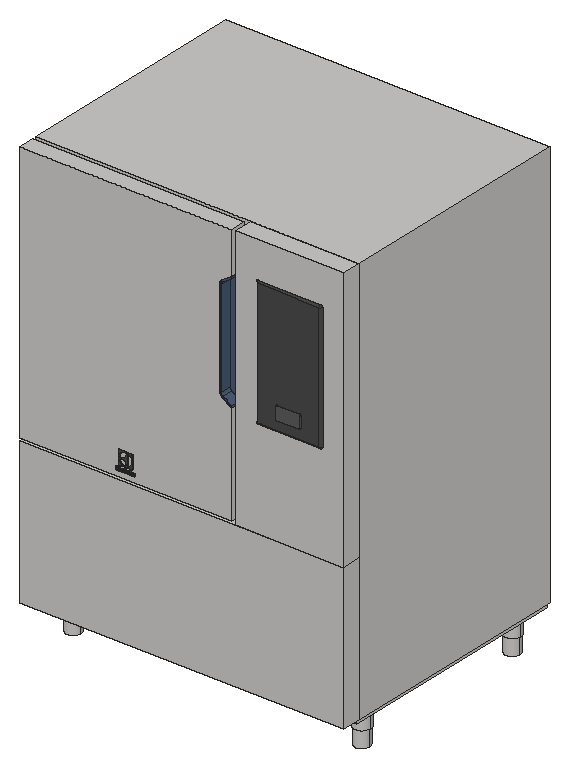
Revit family "QF_ELECTROLUXPROFESSIONAL_727742_EBFA12Q", category Specialty Equipment, Revit 2018 (continued)
Automatic sketch dimensions
  Split face 35 sketch curve to Extrusion 4 = 30.031 mm
  Split face 35 sketch curve to Split face 35 sketch curve = 110.016 mm
  Split face 35 sketch curve to Extrusion 4 = 203.478 mm
  Split face 35 sketch curve to Split face 35 sketch curve = 4.974 mm
  Split face 36 sketch curve to Extrusion 4 = 30.031 mm
  Split face 36 sketch curve to Split face 36 sketch curve = 110.016 mm
  Split face 36 sketch curve to Extrusion 4 = 193.978 mm
  Split face 36 sketch curve to Split face 36 sketch curve = 4.974 mm
  Split face 37 sketch curve to Extrusion 4 = 30.031 mm
  Split face 37 sketch curve to Split face 37 sketch curve = 110.016 mm
  Split face 37 sketch curve to Extrusion 4 = 184.478 mm
  Split face 37 sketch curve to Split face 37 sketch curve = 4.974 mm
  Split face 38 sketch curve to Extrusion 4 = 30.031 mm
  Split face 38 sketch curve to Split face 38 sketch curve = 110.016 mm
  Split face 38 sketch curve to Extrusion 4 = 174.978 mm
  Split face 38 sketch curve to Split face 38 sketch curve = 4.974 mm
  Split face 39 sketch curve to Extrusion 4 = 30.031 mm
  Split face 39 sketch curve to Split face 39 sketch curve = 110.016 mm
  Split face 39 sketch curve to Extrusion 4 = 165.478 mm
  Split face 39 sketch curve to Split face 39 sketch curve = 4.974 mm
  Split face 40 sketch curve to Extrusion 4 = 30.031 mm
  Split face 40 sketch curve to Split face 40 sketch curve = 110.016 mm
  Split face 40 sketch curve to Extrusion 4 = 155.978 mm
  Split face 40 sketch curve to Split face 40 sketch curve = 4.974 mm
  Split face 41 sketch curve to Extrusion 4 = 30.031 mm
  Split face 41 sketch curve to Split face 41 sketch curve = 110.016 mm
  Split face 41 sketch curve to Extrusion 4 = 146.478 mm
  Split face 41 sketch curve to Split face 41 sketch curve = 4.974 mm
  Split face 42 sketch curve to Extrusion 4 = 33.499 mm
  Split face 42 sketch curve to Extrusion 4 = 150.022 mm
  Split face 42 sketch curve to Extrusion 4 = 28.525 mm
  Split face 42 sketch curve to Split face 42 sketch curve = 110.016 mm
  Split face 43 sketch curve to Extrusion 4 = 42.999 mm
  Split face 43 sketch curve to Extrusion 4 = 150.022 mm
  Split face 43 sketch curve to Extrusion 4 = 38.025 mm
  Split face 43 sketch curve to Split face 43 sketch curve = 110.016 mm
  Split face 44 sketch curve to Extrusion 4 = 52.499 mm
  Split face 44 sketch curve to Extrusion 4 = 150.022 mm
  Split face 44 sketch curve to Extrusion 4 = 47.525 mm
  Split face 44 sketch curve to Split face 44 sketch curve = 110.016 mm
  Split face 45 sketch curve to Extrusion 4 = 61.999 mm
  Split face 45 sketch curve to Extrusion 4 = 150.022 mm
  Split face 45 sketch curve to Split face 45 sketch curve = 110.016 mm
  Split face 45 sketch curve to Split face 45 sketch curve = 4.974 mm
  Split face 46 sketch curve to Extrusion 4 = 71.499 mm
  Split face 46 sketch curve to Extrusion 4 = 150.022 mm
  Split face 46 sketch curve to Split face 46 sketch curve = 110.016 mm
  Split face 46 sketch curve to Split face 46 sketch curve = 4.974 mm
  Split face 47 sketch curve to Extrusion 4 = 150.022 mm
  Split face 47 sketch curve to Split face 47 sketch curve = 110.016 mm
  Split face 47 sketch curve to Extrusion 4 = 80.999 mm
  Split face 47 sketch curve to Split face 47 sketch curve = 4.974 mm
  Split face 48 sketch curve to Extrusion 4 = 150.022 mm
  Split face 48 sketch curve to Split face 48 sketch curve = 110.016 mm
  Split face 48 sketch curve to Extrusion 4 = 90.499 mm
  Split face 48 sketch curve to Split face 48 sketch curve = 4.974 mm
  Split face 49 sketch curve to Extrusion 4 = 150.022 mm
  Split face 49 sketch curve to Split face 49 sketch curve = 110.016 mm
  Split face 49 sketch curve to Extrusion 4 = 99.999 mm
  Split face 49 sketch curve to Split face 49 sketch curve = 4.974 mm
  Split face 50 sketch curve to Extrusion 4 = 150.022 mm
  Split face 50 sketch curve to Split face 50 sketch curve = 110.016 mm
  Split face 50 sketch curve to Extrusion 4 = 109.499 mm
  Split face 50 sketch curve to Split face 50 sketch curve = 4.974 mm
  Split face 51 sketch curve to Extrusion 4 = 150.022 mm
  Split face 51 sketch curve to Split face 51 sketch curve = 110.016 mm
  Split face 51 sketch curve to Extrusion 4 = 119 mm
  Split face 51 sketch curve to Split face 51 sketch curve = 4.974 mm
  Split face 52 sketch curve to Extrusion 4 = 150.022 mm
  Split face 52 sketch curve to Split face 52 sketch curve = 110.016 mm
  Split face 52 sketch curve to Extrusion 4 = 128.5 mm
  Split face 52 sketch curve to Split face 52 sketch curve = 4.974 mm
  Split face 53 sketch curve to Extrusion 4 = 150.022 mm
  Split face 53 sketch curve to Split face 53 sketch curve = 110.016 mm
  Split face 53 sketch curve to Extrusion 4 = 138 mm
  Split face 53 sketch curve to Split face 53 sketch curve = 4.974 mm
  Split face 54 sketch curve to Extrusion 4 = 150.022 mm
  Split face 54 sketch curve to Split face 54 sketch curve = 110.016 mm
  Split face 54 sketch curve to Extrusion 4 = 147.5 mm
  Split face 54 sketch curve to Split face 54 sketch curve = 4.974 mm
  Split face 55 sketch curve to Extrusion 4 = 150.022 mm
  Split face 55 sketch curve to Split face 55 sketch curve = 110.016 mm
  Split face 55 sketch curve to Extrusion 4 = 157 mm
  Split face 55 sketch curve to Split face 55 sketch curve = 4.974 mm
  Split face 56 sketch curve to Extrusion 4 = 150.022 mm
  Split face 56 sketch curve to Split face 56 sketch curve = 110.016 mm
  Split face 56 sketch curve to Extrusion 4 = 166.5 mm
  Split face 56 sketch curve to Split face 56 sketch curve = 4.974 mm
  Split face 57 sketch curve to Extrusion 4 = 150.022 mm
  Split face 57 sketch curve to Split face 57 sketch curve = 110.016 mm
  Split face 57 sketch curve to Extrusion 4 = 176 mm
  Split face 57 sketch curve to Split face 57 sketch curve = 4.974 mm
  Split face 58 sketch curve to Extrusion 4 = 150.022 mm
  Split face 58 sketch curve to Split face 58 sketch curve = 110.016 mm
  Split face 58 sketch curve to Extrusion 4 = 185.5 mm
  Split face 58 sketch curve to Split face 58 sketch curve = 4.974 mm
  Split face 59 sketch curve to Extrusion 4 = 150.022 mm
  Split face 59 sketch curve to Split face 59 sketch curve = 110.016 mm
  Split face 59 sketch curve to Extrusion 4 = 195 mm
  Split face 59 sketch curve to Split face 59 sketch curve = 4.974 mm
  Split face 60 sketch curve to Extrusion 4 = 150.022 mm
  Split face 60 sketch curve to Split face 60 sketch curve = 110.016 mm
  Split face 60 sketch curve to Extrusion 4 = 204.5 mm
  Split face 60 sketch curve to Split face 60 sketch curve = 4.974 mm
  Split face 61 sketch curve to Extrusion 4 = 150.022 mm
  Split face 61 sketch curve to Split face 61 sketch curve = 110.016 mm
  Split face 61 sketch curve to Extrusion 4 = 214 mm
  Split face 61 sketch curve to Split face 61 sketch curve = 4.974 mm
  Split face 62 sketch curve to Extrusion 4 = 150.022 mm
  Split face 62 sketch curve to Split face 62 sketch curve = 110.016 mm
  Split face 62 sketch curve to Extrusion 4 = 223.5 mm
  Split face 62 sketch curve to Split face 62 sketch curve = 4.974 mm
  Split face 63 sketch curve to Extrusion 4 = 150.022 mm
  Split face 63 sketch curve to Split face 63 sketch curve = 110.016 mm
  Split face 63 sketch curve to Extrusion 4 = 233.001 mm
  Split face 63 sketch curve to Split face 63 sketch curve = 4.974 mm
  Split face 64 sketch curve to Extrusion 4 = 150.022 mm
  Split face 64 sketch curve to Split face 64 sketch curve = 110.016 mm
  Split face 64 sketch curve to Extrusion 4 = 242.501 mm
  Split face 64 sketch curve to Split face 64 sketch curve = 4.974 mm
  Split face 65 sketch curve to Extrusion 4 = 150.022 mm
  Split face 65 sketch curve to Split face 65 sketch curve = 110.016 mm
  Split face 65 sketch curve to Extrusion 4 = 252.001 mm
  Split face 65 sketch curve to Split face 65 sketch curve = 4.974 mm
  Split face 66 sketch curve to Extrusion 4 = 150.022 mm
  Split face 66 sketch curve to Split face 66 sketch curve = 110.016 mm
  Split face 66 sketch curve to Extrusion 4 = 261.501 mm
  Split face 66 sketch curve to Split face 66 sketch curve = 4.974 mm
  Split face 67 sketch curve to Extrusion 4 = 150.022 mm
  Split face 67 sketch curve to Split face 67 sketch curve = 110.016 mm
  Split face 67 sketch curve to Extrusion 4 = 271.001 mm
  Split face 67 sketch curve to Split face 67 sketch curve = 4.974 mm
  Split face 68 sketch curve to Extrusion 4 = 150.022 mm
  Split face 68 sketch curve to Split face 68 sketch curve = 110.016 mm
  Split face 68 sketch curve to Extrusion 4 = 279.479 mm
  Split face 68 sketch curve to Split face 68 sketch curve = 4.974 mm
  Split face 69 sketch curve to Extrusion 4 = 150.022 mm
  Split face 69 sketch curve to Split face 69 sketch curve = 110.016 mm
  Split face 69 sketch curve to Extrusion 4 = 269.979 mm
  Split face 69 sketch curve to Split face 69 sketch curve = 4.974 mm
  Split face 70 sketch curve to Extrusion 4 = 150.022 mm
  Split face 70 sketch curve to Split face 70 sketch curve = 110.016 mm
  Split face 70 sketch curve to Extrusion 4 = 260.479 mm
  Split face 70 sketch curve to Split face 70 sketch curve = 4.974 mm
  Split face 71 sketch curve to Extrusion 4 = 150.022 mm
  Split face 71 sketch curve to Split face 71 sketch curve = 110.016 mm
  Split face 71 sketch curve to Extrusion 4 = 250.978 mm
  Split face 71 sketch curve to Split face 71 sketch curve = 4.974 mm
  Split face 72 sketch curve to Extrusion 4 = 150.022 mm
  Split face 72 sketch curve to Split face 72 sketch curve = 110.016 mm
  Split face 72 sketch curve to Extrusion 4 = 241.478 mm
  Split face 72 sketch curve to Split face 72 sketch curve = 4.974 mm
  Split face 73 sketch curve to Extrusion 4 = 150.022 mm
  Split face 73 sketch curve to Split face 73 sketch curve = 110.016 mm
  Split face 73 sketch curve to Extrusion 4 = 231.978 mm
  Split face 73 sketch curve to Split face 73 sketch curve = 4.974 mm
  Split face 74 sketch curve to Extrusion 4 = 150.022 mm
  Split face 74 sketch curve to Split face 74 sketch curve = 110.016 mm
  Split face 74 sketch curve to Extrusion 4 = 222.478 mm
  Split face 74 sketch curve to Split face 74 sketch curve = 4.974 mm
  Split face 75 sketch curve to Extrusion 4 = 150.022 mm
  Split face 75 sketch curve to Split face 75 sketch curve = 110.016 mm
  Split face 75 sketch curve to Extrusion 4 = 212.978 mm
  Split face 75 sketch curve to Split face 75 sketch curve = 4.974 mm
  Split face 76 sketch curve to Extrusion 4 = 150.022 mm
  Split face 76 sketch curve to Split face 76 sketch curve = 110.016 mm
  Split face 76 sketch curve to Extrusion 4 = 203.478 mm
  Split face 76 sketch curve to Split face 76 sketch curve = 4.974 mm
  Split face 77 sketch curve to Extrusion 4 = 150.022 mm
  Split face 77 sketch curve to Split face 77 sketch curve = 110.016 mm
  Split face 77 sketch curve to Extrusion 4 = 193.978 mm
  Split face 77 sketch curve to Split face 77 sketch curve = 4.974 mm
  Split face 78 sketch curve to Extrusion 4 = 150.022 mm
  Split face 78 sketch curve to Split face 78 sketch curve = 110.016 mm
  Split face 78 sketch curve to Extrusion 4 = 184.478 mm
  Split face 78 sketch curve to Split face 78 sketch curve = 4.974 mm
  Split face 79 sketch curve to Extrusion 4 = 150.022 mm
  Split face 79 sketch curve to Split face 79 sketch curve = 110.016 mm
  Split face 79 sketch curve to Extrusion 4 = 174.978 mm
  Split face 79 sketch curve to Split face 79 sketch curve = 4.974 mm
  Split face 80 sketch curve to Extrusion 4 = 150.022 mm
  Split face 80 sketch curve to Split face 80 sketch curve = 110.016 mm
  Split face 80 sketch curve to Extrusion 4 = 165.478 mm
  Split face 80 sketch curve to Split face 80 sketch curve = 4.974 mm
  Split face 81 sketch curve to Extrusion 4 = 150.022 mm
  Split face 81 sketch curve to Split face 81 sketch curve = 110.016 mm
  Split face 81 sketch curve to Extrusion 4 = 155.978 mm
  Split face 81 sketch curve to Split face 81 sketch curve = 4.974 mm
  Split face 82 sketch curve to Extrusion 4 = 150.022 mm
  Split face 82 sketch curve to Split face 82 sketch curve = 110.016 mm
  Split face 82 sketch curve to Extrusion 4 = 146.478 mm
  Split face 82 sketch curve to Split face 82 sketch curve = 4.974 mm
  Split face 83 sketch curve to Extrusion 4 = 33.499 mm
  Split face 83 sketch curve to Extrusion 4 = 270.014 mm
  Split face 83 sketch curve to Extrusion 4 = 28.525 mm
  Split face 83 sketch curve to Split face 83 sketch curve = 110.016 mm
  Split face 84 sketch curve to Extrusion 4 = 42.999 mm
  Split face 84 sketch curve to Extrusion 4 = 270.014 mm
  Split face 84 sketch curve to Extrusion 4 = 38.025 mm
  Split face 84 sketch curve to Split face 84 sketch curve = 110.016 mm
  Split face 85 sketch curve to Extrusion 4 = 52.499 mm
  Split face 85 sketch curve to Extrusion 4 = 270.014 mm
  Split face 85 sketch curve to Extrusion 4 = 47.525 mm
  Split face 85 sketch curve to Split face 85 sketch curve = 110.016 mm
  Split face 86 sketch curve to Extrusion 4 = 61.999 mm
  Split face 86 sketch curve to Extrusion 4 = 270.014 mm
  Split face 86 sketch curve to Split face 86 sketch curve = 110.016 mm
  Split face 86 sketch curve to Split face 86 sketch curve = 4.974 mm
  Split face 87 sketch curve to Extrusion 4 = 71.499 mm
  Split face 87 sketch curve to Extrusion 4 = 270.014 mm
  Split face 87 sketch curve to Split face 87 sketch curve = 110.016 mm
  Split face 87 sketch curve to Split face 87 sketch curve = 4.974 mm
  Split face 88 sketch curve to Extrusion 4 = 80.999 mm
  Split face 88 sketch curve to Extrusion 4 = 270.014 mm
  Split face 88 sketch curve to Split face 88 sketch curve = 110.016 mm
  Split face 88 sketch curve to Split face 88 sketch curve = 4.974 mm
  Split face 89 sketch curve to Extrusion 4 = 90.499 mm
  Split face 89 sketch curve to Extrusion 4 = 270.014 mm
  Split face 89 sketch curve to Split face 89 sketch curve = 110.016 mm
  Split face 89 sketch curve to Split face 89 sketch curve = 4.974 mm
  Split face 90 sketch curve to Extrusion 4 = 99.999 mm
  Split face 90 sketch curve to Extrusion 4 = 270.014 mm
  Split face 90 sketch curve to Split face 90 sketch curve = 110.016 mm
  Split face 90 sketch curve to Split face 90 sketch curve = 4.974 mm
  Split face 91 sketch curve to Extrusion 4 = 109.499 mm
  Split face 91 sketch curve to Extrusion 4 = 270.014 mm
  Split face 91 sketch curve to Split face 91 sketch curve = 110.016 mm
  Split face 91 sketch curve to Split face 91 sketch curve = 4.974 mm
  Split face 92 sketch curve to Extrusion 4 = 119 mm
  Split face 92 sketch curve to Extrusion 4 = 270.014 mm
  Split face 92 sketch curve to Split face 92 sketch curve = 110.016 mm
  Split face 92 sketch curve to Split face 92 sketch curve = 4.974 mm
  Split face 93 sketch curve to Extrusion 4 = 128.5 mm
  Split face 93 sketch curve to Extrusion 4 = 270.014 mm
  Split face 93 sketch curve to Split face 93 sketch curve = 110.016 mm
  Split face 93 sketch curve to Split face 93 sketch curve = 4.974 mm
  Split face 94 sketch curve to Extrusion 4 = 270.014 mm
  Split face 94 sketch curve to Split face 94 sketch curve = 110.016 mm
  Split face 94 sketch curve to Extrusion 4 = 138 mm
  Split face 94 sketch curve to Split face 94 sketch curve = 4.974 mm
  Split face 95 sketch curve to Extrusion 4 = 270.014 mm
  Split face 95 sketch curve to Split face 95 sketch curve = 110.016 mm
  Split face 95 sketch curve to Extrusion 4 = 147.5 mm
  Split face 95 sketch curve to Split face 95 sketch curve = 4.974 mm
  Split face 96 sketch curve to Extrusion 4 = 270.014 mm
  Split face 96 sketch curve to Split face 96 sketch curve = 110.016 mm
  Split face 96 sketch curve to Extrusion 4 = 157 mm
  Split face 96 sketch curve to Split face 96 sketch curve = 4.974 mm
  Split face 97 sketch curve to Extrusion 4 = 270.014 mm
  Split face 97 sketch curve to Split face 97 sketch curve = 110.016 mm
  Split face 97 sketch curve to Extrusion 4 = 166.5 mm
  Split face 97 sketch curve to Split face 97 sketch curve = 4.974 mm
  Split face 98 sketch curve to Extrusion 4 = 270.014 mm
  Split face 98 sketch curve to Split face 98 sketch curve = 110.016 mm
  Split face 98 sketch curve to Extrusion 4 = 176 mm
  Split face 98 sketch curve to Split face 98 sketch curve = 4.974 mm
  Split face 99 sketch curve to Extrusion 4 = 270.014 mm
  Split face 99 sketch curve to Split face 99 sketch curve = 110.016 mm
  Split face 99 sketch curve to Extrusion 4 = 185.5 mm
  Split face 99 sketch curve to Split face 99 sketch curve = 4.974 mm
  Split face 100 sketch curve to Extrusion 4 = 270.014 mm
  Split face 100 sketch curve to Split face 100 sketch curve = 110.016 mm
  Split face 100 sketch curve to Extrusion 4 = 195 mm
  Split face 100 sketch curve to Split face 100 sketch curve = 4.974 mm
  Split face 101 sketch curve to Extrusion 4 = 270.014 mm
  Split face 101 sketch curve to Split face 101 sketch curve = 110.016 mm
  Split face 101 sketch curve to Extrusion 4 = 204.5 mm
  Split face 101 sketch curve to Split face 101 sketch curve = 4.974 mm
  Split face 102 sketch curve to Extrusion 4 = 270.014 mm
  Split face 102 sketch curve to Split face 102 sketch curve = 110.016 mm
  Split face 102 sketch curve to Extrusion 4 = 214 mm
  Split face 102 sketch curve to Split face 102 sketch curve = 4.974 mm
  Split face 103 sketch curve to Extrusion 4 = 270.014 mm
  Split face 103 sketch curve to Split face 103 sketch curve = 110.016 mm
  Split face 103 sketch curve to Extrusion 4 = 223.5 mm
  Split face 103 sketch curve to Split face 103 sketch curve = 4.974 mm
  Split face 104 sketch curve to Extrusion 4 = 270.014 mm
  Split face 104 sketch curve to Split face 104 sketch curve = 110.016 mm
  Split face 104 sketch curve to Extrusion 4 = 233.001 mm
  Split face 104 sketch curve to Split face 104 sketch curve = 4.974 mm
  Split face 105 sketch curve to Extrusion 4 = 270.014 mm
  Split face 105 sketch curve to Split face 105 sketch curve = 110.016 mm
  Split face 105 sketch curve to Extrusion 4 = 242.501 mm
  Split face 105 sketch curve to Split face 105 sketch curve = 4.974 mm
  Split face 106 sketch curve to Extrusion 4 = 270.014 mm
  Split face 106 sketch curve to Split face 106 sketch curve = 110.016 mm
  Split face 106 sketch curve to Extrusion 4 = 252.001 mm
  Split face 106 sketch curve to Split face 106 sketch curve = 4.974 mm
  Split face 107 sketch curve to Extrusion 4 = 270.014 mm
  Split face 107 sketch curve to Split face 107 sketch curve = 110.016 mm
  Split face 107 sketch curve to Extrusion 4 = 261.501 mm
  Split face 107 sketch curve to Split face 107 sketch curve = 4.974 mm
  Split face 108 sketch curve to Extrusion 4 = 270.014 mm
  Split face 108 sketch curve to Split face 108 sketch curve = 110.016 mm
  Split face 108 sketch curve to Extrusion 4 = 271.001 mm
  Split face 108 sketch curve to Split face 108 sketch curve = 4.974 mm
  Split face 109 sketch curve to Extrusion 4 = 270.014 mm
  Split face 109 sketch curve to Split face 109 sketch curve = 110.016 mm
  Split face 109 sketch curve to Extrusion 4 = 279.479 mm
  Split face 109 sketch curve to Split face 109 sketch curve = 4.974 mm
  Split face 110 sketch curve to Extrusion 4 = 270.014 mm
  Split face 110 sketch curve to Split face 110 sketch curve = 110.016 mm
  Split face 110 sketch curve to Extrusion 4 = 269.979 mm
  Split face 110 sketch curve to Split face 110 sketch curve = 4.974 mm
  Split face 111 sketch curve to Extrusion 4 = 270.014 mm
  Split face 111 sketch curve to Split face 111 sketch curve = 110.016 mm
  Split face 111 sketch curve to Extrusion 4 = 260.479 mm
  Split face 111 sketch curve to Split face 111 sketch curve = 4.974 mm
  Split face 112 sketch curve to Extrusion 4 = 270.014 mm
  Split face 112 sketch curve to Split face 112 sketch curve = 110.016 mm
  Split face 112 sketch curve to Extrusion 4 = 250.978 mm
  Split face 112 sketch curve to Split face 112 sketch curve = 4.974 mm
  Split face 113 sketch curve to Extrusion 4 = 270.014 mm
  Split face 113 sketch curve to Split face 113 sketch curve = 110.016 mm
  Split face 113 sketch curve to Extrusion 4 = 241.478 mm
  Split face 113 sketch curve to Split face 113 sketch curve = 4.974 mm
  Split face 114 sketch curve to Extrusion 4 = 270.014 mm
  Split face 114 sketch curve to Split face 114 sketch curve = 110.016 mm
  Split face 114 sketch curve to Extrusion 4 = 231.978 mm
  Split face 114 sketch curve to Split face 114 sketch curve = 4.974 mm
  Split face 115 sketch curve to Extrusion 4 = 270.014 mm
  Split face 115 sketch curve to Split face 115 sketch curve = 110.016 mm
  Split face 115 sketch curve to Extrusion 4 = 222.478 mm
  Split face 115 sketch curve to Split face 115 sketch curve = 4.974 mm
  Split face 116 sketch curve to Extrusion 4 = 270.014 mm
  Split face 116 sketch curve to Split face 116 sketch curve = 110.016 mm
  Split face 116 sketch curve to Extrusion 4 = 212.978 mm
  Split face 116 sketch curve to Split face 116 sketch curve = 4.974 mm
  Split face 117 sketch curve to Extrusion 4 = 270.014 mm
  Split face 117 sketch curve to Split face 117 sketch curve = 110.016 mm
  Split face 117 sketch curve to Extrusion 4 = 203.478 mm
  Split face 117 sketch curve to Split face 117 sketch curve = 4.974 mm
  Split face 118 sketch curve to Extrusion 4 = 270.014 mm
  Split face 118 sketch curve to Split face 118 sketch curve = 110.016 mm
  Split face 118 sketch curve to Extrusion 4 = 193.978 mm
  Split face 118 sketch curve to Split face 118 sketch curve = 4.974 mm
  Split face 119 sketch curve to Extrusion 4 = 270.014 mm
  Split face 119 sketch curve to Split face 119 sketch curve = 110.016 mm
  Split face 119 sketch curve to Extrusion 4 = 184.478 mm
  Split face 119 sketch curve to Split face 119 sketch curve = 4.974 mm
  Split face 120 sketch curve to Extrusion 4 = 270.014 mm
  Split face 120 sketch curve to Split face 120 sketch curve = 110.016 mm
  Split face 120 sketch curve to Extrusion 4 = 174.978 mm
  Split face 120 sketch curve to Split face 120 sketch curve = 4.974 mm
  Split face 121 sketch curve to Extrusion 4 = 270.014 mm
  Split face 121 sketch curve to Split face 121 sketch curve = 110.016 mm
  Split face 121 sketch curve to Extrusion 4 = 165.478 mm
  Split face 121 sketch curve to Split face 121 sketch curve = 4.974 mm
  Split face 122 sketch curve to Extrusion 4 = 270.014 mm
  Split face 122 sketch curve to Split face 122 sketch curve = 110.016 mm
  Split face 122 sketch curve to Extrusion 4 = 155.978 mm
  Split face 122 sketch curve to Split face 122 sketch curve = 4.974 mm
  Split face 123 sketch curve to Extrusion 4 = 270.014 mm
  Split face 123 sketch curve to Split face 123 sketch curve = 110.016 mm
  Split face 123 sketch curve to Extrusion 4 = 146.478 mm
  Split face 123 sketch curve to Split face 123 sketch curve = 4.974 mm
  Split face 124 sketch curve to Extrusion 4 = 33.499 mm
  Split face 124 sketch curve to Extrusion 4 = 390.005 mm
  Split face 124 sketch curve to Extrusion 4 = 28.525 mm
  Split face 124 sketch curve to Split face 124 sketch curve = 110.016 mm
  Split face 125 sketch curve to Extrusion 4 = 42.999 mm
  Split face 125 sketch curve to Extrusion 4 = 390.005 mm
  Split face 125 sketch curve to Extrusion 4 = 38.025 mm
  Split face 125 sketch curve to Split face 125 sketch curve = 110.016 mm
  Split face 126 sketch curve to Extrusion 4 = 52.499 mm
  Split face 126 sketch curve to Extrusion 4 = 390.005 mm
  Split face 126 sketch curve to Extrusion 4 = 47.525 mm
  Split face 126 sketch curve to Split face 126 sketch curve = 110.016 mm
  Split face 127 sketch curve to Extrusion 4 = 61.999 mm
  Split face 127 sketch curve to Extrusion 4 = 390.005 mm
  Split face 127 sketch curve to Split face 127 sketch curve = 110.016 mm
  Split face 127 sketch curve to Split face 127 sketch curve = 4.974 mm
  Split face 128 sketch curve to Extrusion 4 = 71.499 mm
  Split face 128 sketch curve to Extrusion 4 = 390.005 mm
  Split face 128 sketch curve to Split face 128 sketch curve = 110.016 mm
  Split face 128 sketch curve to Split face 128 sketch curve = 4.974 mm
  Split face 129 sketch curve to Extrusion 4 = 80.999 mm
  Split face 129 sketch curve to Extrusion 4 = 390.005 mm
  Split face 129 sketch curve to Split face 129 sketch curve = 110.016 mm
  Split face 129 sketch curve to Split face 129 sketch curve = 4.974 mm
  Split face 130 sketch curve to Extrusion 4 = 90.499 mm
  Split face 130 sketch curve to Extrusion 4 = 390.005 mm
  Split face 130 sketch curve to Split face 130 sketch curve = 110.016 mm
  Split face 130 sketch curve to Split face 130 sketch curve = 4.974 mm
  Split face 131 sketch curve to Extrusion 4 = 99.999 mm
  Split face 131 sketch curve to Extrusion 4 = 390.005 mm
  Split face 131 sketch curve to Split face 131 sketch curve = 110.016 mm
  Split face 131 sketch curve to Split face 131 sketch curve = 4.974 mm
  Split face 132 sketch curve to Extrusion 4 = 109.499 mm
  Split face 132 sketch curve to Extrusion 4 = 390.005 mm
  Split face 132 sketch curve to Split face 132 sketch curve = 110.016 mm
  Split face 132 sketch curve to Split face 132 sketch curve = 4.974 mm
  Split face 133 sketch curve to Extrusion 4 = 119 mm
  Split face 133 sketch curve to Extrusion 4 = 390.005 mm
  Split face 133 sketch curve to Split face 133 sketch curve = 110.016 mm
  Split face 133 sketch curve to Split face 133 sketch curve = 4.974 mm
  Split face 134 sketch curve to Extrusion 4 = 128.5 mm
  Split face 134 sketch curve to Extrusion 4 = 390.005 mm
  Split face 134 sketch curve to Split face 134 sketch curve = 110.016 mm
  Split face 134 sketch curve to Split face 134 sketch curve = 4.974 mm
  Split face 135 sketch curve to Extrusion 4 = 138 mm
  Split face 135 sketch curve to Extrusion 4 = 390.005 mm
  Split face 135 sketch curve to Split face 135 sketch curve = 110.016 mm
  Split face 135 sketch curve to Split face 135 sketch curve = 4.974 mm
  Split face 136 sketch curve to Extrusion 4 = 147.5 mm
  Split face 136 sketch curve to Extrusion 4 = 390.005 mm
  Split face 136 sketch curve to Split face 136 sketch curve = 110.016 mm
  Split face 136 sketch curve to Split face 136 sketch curve = 4.974 mm
  Split face 137 sketch curve to Extrusion 4 = 157 mm
  Split face 137 sketch curve to Extrusion 4 = 390.005 mm
  Split face 137 sketch curve to Split face 137 sketch curve = 110.016 mm
  Split face 137 sketch curve to Split face 137 sketch curve = 4.974 mm
  Split face 138 sketch curve to Extrusion 4 = 166.5 mm
  Split face 138 sketch curve to Extrusion 4 = 390.005 mm
  Split face 138 sketch curve to Split face 138 sketch curve = 110.016 mm
  Split face 138 sketch curve to Split face 138 sketch curve = 4.974 mm
  Split face 139 sketch curve to Extrusion 4 = 176 mm
  Split face 139 sketch curve to Extrusion 4 = 390.005 mm
  Split face 139 sketch curve to Split face 139 sketch curve = 110.016 mm
  Split face 139 sketch curve to Split face 139 sketch curve = 4.974 mm
  Split face 140 sketch curve to Extrusion 4 = 185.5 mm
  Split face 140 sketch curve to Extrusion 4 = 390.005 mm
  Split face 140 sketch curve to Split face 140 sketch curve = 110.016 mm
  Split face 140 sketch curve to Split face 140 sketch curve = 4.974 mm
  Split face 141 sketch curve to Extrusion 4 = 195 mm
  Split face 141 sketch curve to Extrusion 4 = 390.005 mm
  Split face 141 sketch curve to Split face 141 sketch curve = 110.016 mm
  Split face 141 sketch curve to Split face 141 sketch curve = 4.974 mm
  Split face 142 sketch curve to Extrusion 4 = 390.005 mm
  Split face 142 sketch curve to Split face 142 sketch curve = 110.016 mm
  Split face 142 sketch curve to Extrusion 4 = 204.5 mm
  Split face 142 sketch curve to Split face 142 sketch curve = 4.974 mm
  Split face 143 sketch curve to Extrusion 4 = 390.005 mm
  Split face 143 sketch curve to Split face 143 sketch curve = 110.016 mm
  Split face 143 sketch curve to Extrusion 4 = 214 mm
  Split face 143 sketch curve to Split face 143 sketch curve = 4.974 mm
  Split face 144 sketch curve to Extrusion 4 = 390.005 mm
  Split face 144 sketch curve to Split face 144 sketch curve = 110.016 mm
  Split face 144 sketch curve to Extrusion 4 = 223.5 mm
  Split face 144 sketch curve to Split face 144 sketch curve = 4.974 mm
  Split face 145 sketch curve to Extrusion 4 = 390.005 mm
  Split face 145 sketch curve to Split face 145 sketch curve = 110.016 mm
  Split face 145 sketch curve to Extrusion 4 = 233.001 mm
  Split face 145 sketch curve to Split face 145 sketch curve = 4.974 mm
  Split face 146 sketch curve to Extrusion 4 = 390.005 mm
  Split face 146 sketch curve to Split face 146 sketch curve = 110.016 mm
  Split face 146 sketch curve to Extrusion 4 = 242.501 mm
  Split face 146 sketch curve to Split face 146 sketch curve = 4.974 mm
  Split face 147 sketch curve to Extrusion 4 = 390.005 mm
  Split face 147 sketch curve to Split face 147 sketch curve = 110.016 mm
  Split face 147 sketch curve to Extrusion 4 = 252.001 mm
  Split face 147 sketch curve to Split face 147 sketch curve = 4.974 mm
  Split face 148 sketch curve to Extrusion 4 = 390.005 mm
  Split face 148 sketch curve to Split face 148 sketch curve = 110.016 mm
  Split face 148 sketch curve to Extrusion 4 = 261.501 mm
  Split face 148 sketch curve to Split face 148 sketch curve = 4.974 mm
  Split face 149 sketch curve to Extrusion 4 = 390.005 mm
  Split face 149 sketch curve to Split face 149 sketch curve = 110.016 mm
  Split face 149 sketch curve to Extrusion 4 = 271.001 mm
  Split face 149 sketch curve to Split face 149 sketch curve = 4.974 mm
  Split face 150 sketch curve to Extrusion 4 = 390.005 mm
  Split face 150 sketch curve to Split face 150 sketch curve = 110.016 mm
  Split face 150 sketch curve to Extrusion 4 = 279.479 mm
  Split face 150 sketch curve to Split face 150 sketch curve = 4.974 mm
  Split face 151 sketch curve to Extrusion 4 = 390.005 mm
  Split face 151 sketch curve to Split face 151 sketch curve = 110.016 mm
  Split face 151 sketch curve to Extrusion 4 = 269.979 mm
  Split face 151 sketch curve to Split face 151 sketch curve = 4.974 mm
  Split face 152 sketch curve to Extrusion 4 = 390.005 mm
  Split face 152 sketch curve to Split face 152 sketch curve = 110.016 mm
  Split face 152 sketch curve to Extrusion 4 = 260.479 mm
  Split face 152 sketch curve to Split face 152 sketch curve = 4.974 mm
  Split face 153 sketch curve to Extrusion 4 = 390.005 mm
  Split face 153 sketch curve to Split face 153 sketch curve = 110.016 mm
  Split face 153 sketch curve to Extrusion 4 = 250.978 mm
  Split face 153 sketch curve to Split face 153 sketch curve = 4.974 mm
  Split face 154 sketch curve to Extrusion 4 = 390.005 mm
  Split face 154 sketch curve to Split face 154 sketch curve = 110.016 mm
  Split face 154 sketch curve to Extrusion 4 = 241.478 mm
  Split face 154 sketch curve to Split face 154 sketch curve = 4.974 mm
  Split face 155 sketch curve to Extrusion 4 = 390.005 mm
  Split face 155 sketch curve to Split face 155 sketch curve = 110.016 mm
  Split face 155 sketch curve to Extrusion 4 = 231.978 mm
  Split face 155 sketch curve to Split face 155 sketch curve = 4.974 mm
  Split face 156 sketch curve to Extrusion 4 = 390.005 mm
  Split face 156 sketch curve to Split face 156 sketch curve = 110.016 mm
  Split face 156 sketch curve to Extrusion 4 = 222.478 mm
  Split face 156 sketch curve to Split face 156 sketch curve = 4.974 mm
  Split face 157 sketch curve to Extrusion 4 = 390.005 mm
  Split face 157 sketch curve to Split face 157 sketch curve = 110.016 mm
  Split face 157 sketch curve to Extrusion 4 = 212.978 mm
  Split face 157 sketch curve to Split face 157 sketch curve = 4.974 mm
  Split face 158 sketch curve to Extrusion 4 = 390.005 mm
  Split face 158 sketch curve to Split face 158 sketch curve = 110.016 mm
  Split face 158 sketch curve to Extrusion 4 = 203.478 mm
  Split face 158 sketch curve to Split face 158 sketch curve = 4.974 mm
  Split face 159 sketch curve to Extrusion 4 = 193.978 mm
  Split face 159 sketch curve to Extrusion 4 = 390.005 mm
  Split face 159 sketch curve to Split face 159 sketch curve = 110.016 mm
  Split face 159 sketch curve to Split face 159 sketch curve = 4.974 mm
  Split face 160 sketch curve to Extrusion 4 = 184.478 mm
  Split face 160 sketch curve to Extrusion 4 = 390.005 mm
  Split face 160 sketch curve to Split face 160 sketch curve = 110.016 mm
  Split face 160 sketch curve to Split face 160 sketch curve = 4.974 mm
  Split face 161 sketch curve to Extrusion 4 = 174.978 mm
  Split face 161 sketch curve to Extrusion 4 = 390.005 mm
  Split face 161 sketch curve to Split face 161 sketch curve = 110.016 mm
  Split face 161 sketch curve to Split face 161 sketch curve = 4.974 mm
  Split face 162 sketch curve to Extrusion 4 = 165.478 mm
  Split face 162 sketch curve to Extrusion 4 = 390.005 mm
  Split face 162 sketch curve to Split face 162 sketch curve = 110.016 mm
  Split face 162 sketch curve to Split face 162 sketch curve = 4.974 mm
  Split face 163 sketch curve to Extrusion 4 = 155.978 mm
  Split face 163 sketch curve to Extrusion 4 = 390.005 mm
  Split face 163 sketch curve to Split face 163 sketch curve = 110.016 mm
  Split face 163 sketch curve to Split face 163 sketch curve = 4.974 mm
  Split face 164 sketch curve to Extrusion 4 = 146.478 mm
  Split face 164 sketch curve to Extrusion 4 = 390.005 mm
  Split face 164 sketch curve to Split face 164 sketch curve = 110.016 mm
  Split face 164 sketch curve to Split face 164 sketch curve = 4.974 mm
  Split face 165 sketch curve to Extrusion 4 = 33.499 mm
  Split face 165 sketch curve to Extrusion 4 = 380.03 mm
  Split face 165 sketch curve to Extrusion 4 = 28.525 mm
  Split face 165 sketch curve to Split face 165 sketch curve = 110.016 mm
  Split face 166 sketch curve to Extrusion 4 = 42.999 mm
  Split face 166 sketch curve to Extrusion 4 = 380.03 mm
  Split face 166 sketch curve to Extrusion 4 = 38.025 mm
  Split face 166 sketch curve to Split face 166 sketch curve = 110.016 mm
  Split face 167 sketch curve to Extrusion 4 = 52.499 mm
  Split face 167 sketch curve to Extrusion 4 = 380.03 mm
  Split face 167 sketch curve to Extrusion 4 = 47.525 mm
  Split face 167 sketch curve to Split face 167 sketch curve = 110.016 mm
  Split face 168 sketch curve to Extrusion 4 = 61.999 mm
  Split face 168 sketch curve to Extrusion 4 = 380.03 mm
  Split face 168 sketch curve to Split face 168 sketch curve = 110.016 mm
  Split face 168 sketch curve to Split face 168 sketch curve = 4.974 mm
  Split face 169 sketch curve to Extrusion 4 = 71.499 mm
  Split face 169 sketch curve to Extrusion 4 = 380.03 mm
  Split face 169 sketch curve to Split face 169 sketch curve = 110.016 mm
  Split face 169 sketch curve to Split face 169 sketch curve = 4.974 mm
  Split face 170 sketch curve to Extrusion 4 = 80.999 mm
  Split face 170 sketch curve to Extrusion 4 = 380.03 mm
  Split face 170 sketch curve to Split face 170 sketch curve = 110.016 mm
  Split face 170 sketch curve to Split face 170 sketch curve = 4.974 mm
  Split face 171 sketch curve to Extrusion 4 = 90.499 mm
  Split face 171 sketch curve to Extrusion 4 = 380.03 mm
  Split face 171 sketch curve to Split face 171 sketch curve = 110.016 mm
  Split face 171 sketch curve to Split face 171 sketch curve = 4.974 mm
  Split face 172 sketch curve to Extrusion 4 = 99.999 mm
  Split face 172 sketch curve to Extrusion 4 = 380.03 mm
  Split face 172 sketch curve to Split face 172 sketch curve = 110.016 mm
  Split face 172 sketch curve to Split face 172 sketch curve = 4.974 mm
  Split face 173 sketch curve to Extrusion 4 = 109.499 mm
  Split face 173 sketch curve to Extrusion 4 = 380.03 mm
  Split face 173 sketch curve to Split face 173 sketch curve = 110.016 mm
  Split face 173 sketch curve to Split face 173 sketch curve = 4.974 mm
  Split face 174 sketch curve to Extrusion 4 = 119 mm
  Split face 174 sketch curve to Extrusion 4 = 380.03 mm
  Split face 174 sketch curve to Split face 174 sketch curve = 110.016 mm
  Split face 174 sketch curve to Split face 174 sketch curve = 4.974 mm
  Split face 175 sketch curve to Extrusion 4 = 128.5 mm
  Split face 175 sketch curve to Extrusion 4 = 380.03 mm
  Split face 175 sketch curve to Split face 175 sketch curve = 110.016 mm
  Split face 175 sketch curve to Split face 175 sketch curve = 4.974 mm
  Split face 176 sketch curve to Extrusion 4 = 138 mm
  Split face 176 sketch curve to Extrusion 4 = 380.03 mm
  Split face 176 sketch curve to Split face 176 sketch curve = 110.016 mm
  Split face 176 sketch curve to Split face 176 sketch curve = 4.974 mm
  Split face 177 sketch curve to Extrusion 4 = 147.5 mm
  Split face 177 sketch curve to Extrusion 4 = 380.03 mm
  Split face 177 sketch curve to Split face 177 sketch curve = 110.016 mm
  Split face 177 sketch curve to Split face 177 sketch curve = 4.974 mm
  Split face 178 sketch curve to Extrusion 4 = 157 mm
  Split face 178 sketch curve to Extrusion 4 = 380.03 mm
  Split face 178 sketch curve to Split face 178 sketch curve = 110.016 mm
  Split face 178 sketch curve to Split face 178 sketch curve = 4.974 mm
  Split face 179 sketch curve to Extrusion 4 = 166.5 mm
  Split face 179 sketch curve to Extrusion 4 = 380.03 mm
  Split face 179 sketch curve to Split face 179 sketch curve = 110.016 mm
  Split face 179 sketch curve to Split face 179 sketch curve = 4.974 mm
  Split face 180 sketch curve to Extrusion 4 = 176 mm
  Split face 180 sketch curve to Extrusion 4 = 380.03 mm
  Split face 180 sketch curve to Split face 180 sketch curve = 110.016 mm
  Split face 180 sketch curve to Split face 180 sketch curve = 4.974 mm
  Split face 181 sketch curve to Extrusion 4 = 185.5 mm
  Split face 181 sketch curve to Extrusion 4 = 380.03 mm
  Split face 181 sketch curve to Split face 181 sketch curve = 110.016 mm
  Split face 181 sketch curve to Split face 181 sketch curve = 4.974 mm
  Split face 182 sketch curve to Extrusion 4 = 380.03 mm
  Split face 182 sketch curve to Split face 182 sketch curve = 110.016 mm
  Split face 182 sketch curve to Extrusion 4 = 195 mm
  Split face 182 sketch curve to Split face 182 sketch curve = 4.974 mm
  Split face 183 sketch curve to Extrusion 4 = 380.03 mm
  Split face 183 sketch curve to Split face 183 sketch curve = 110.016 mm
  Split face 183 sketch curve to Extrusion 4 = 204.5 mm
  Split face 183 sketch curve to Split face 183 sketch curve = 4.974 mm
  Split face 184 sketch curve to Extrusion 4 = 380.03 mm
  Split face 184 sketch curve to Split face 184 sketch curve = 110.016 mm
  Split face 184 sketch curve to Extrusion 4 = 214 mm
  Split face 184 sketch curve to Split face 184 sketch curve = 4.974 mm
  Split face 185 sketch curve to Extrusion 4 = 380.03 mm
  Split face 185 sketch curve to Split face 185 sketch curve = 110.016 mm
  Split face 185 sketch curve to Extrusion 4 = 223.5 mm
  Split face 185 sketch curve to Split face 185 sketch curve = 4.974 mm
  Split face 186 sketch curve to Extrusion 4 = 380.03 mm
  Split face 186 sketch curve to Split face 186 sketch curve = 110.016 mm
  Split face 186 sketch curve to Extrusion 4 = 233.001 mm
  Split face 186 sketch curve to Split face 186 sketch curve = 4.974 mm
  Split face 187 sketch curve to Extrusion 4 = 380.03 mm
  Split face 187 sketch curve to Split face 187 sketch curve = 110.016 mm
  Split face 187 sketch curve to Extrusion 4 = 242.501 mm
  Split face 187 sketch curve to Split face 187 sketch curve = 4.974 mm
  Split face 188 sketch curve to Extrusion 4 = 380.03 mm
  Split face 188 sketch curve to Split face 188 sketch curve = 110.016 mm
  Split face 188 sketch curve to Extrusion 4 = 252.001 mm
  Split face 188 sketch curve to Split face 188 sketch curve = 4.974 mm
  Split face 189 sketch curve to Extrusion 4 = 380.03 mm
  Split face 189 sketch curve to Split face 189 sketch curve = 110.016 mm
  Split face 189 sketch curve to Extrusion 4 = 261.501 mm
  Split face 189 sketch curve to Split face 189 sketch curve = 4.974 mm
  Split face 190 sketch curve to Extrusion 4 = 380.03 mm
  Split face 190 sketch curve to Split face 190 sketch curve = 110.016 mm
  Split face 190 sketch curve to Extrusion 4 = 271.001 mm
  Split face 190 sketch curve to Split face 190 sketch curve = 4.974 mm
  Split face 191 sketch curve to Extrusion 4 = 380.03 mm
  Split face 191 sketch curve to Split face 191 sketch curve = 110.016 mm
  Split face 191 sketch curve to Extrusion 4 = 279.479 mm
  Split face 191 sketch curve to Split face 191 sketch curve = 4.974 mm
  Split face 192 sketch curve to Extrusion 4 = 380.03 mm
  Split face 192 sketch curve to Split face 192 sketch curve = 110.016 mm
  Split face 192 sketch curve to Extrusion 4 = 269.979 mm
  Split face 192 sketch curve to Split face 192 sketch curve = 4.974 mm
  Split face 193 sketch curve to Extrusion 4 = 380.03 mm
  Split face 193 sketch curve to Split face 193 sketch curve = 110.016 mm
  Split face 193 sketch curve to Extrusion 4 = 260.479 mm
  Split face 193 sketch curve to Split face 193 sketch curve = 4.974 mm
  Split face 194 sketch curve to Extrusion 4 = 380.03 mm
  Split face 194 sketch curve to Split face 194 sketch curve = 110.016 mm
  Split face 194 sketch curve to Extrusion 4 = 250.978 mm
  Split face 194 sketch curve to Split face 194 sketch curve = 4.974 mm
  Split face 195 sketch curve to Extrusion 4 = 380.03 mm
  Split face 195 sketch curve to Split face 195 sketch curve = 110.016 mm
  Split face 195 sketch curve to Extrusion 4 = 241.478 mm
  Split face 195 sketch curve to Split face 195 sketch curve = 4.974 mm
  Split face 196 sketch curve to Extrusion 4 = 380.03 mm
  Split face 196 sketch curve to Split face 196 sketch curve = 110.016 mm
  Split face 196 sketch curve to Extrusion 4 = 231.978 mm
  Split face 196 sketch curve to Split face 196 sketch curve = 4.974 mm
  Split face 197 sketch curve to Extrusion 4 = 380.03 mm
  Split face 197 sketch curve to Split face 197 sketch curve = 110.016 mm
  Split face 197 sketch curve to Extrusion 4 = 222.478 mm
  Split face 197 sketch curve to Split face 197 sketch curve = 4.974 mm
  Split face 198 sketch curve to Extrusion 4 = 380.03 mm
  Split face 198 sketch curve to Split face 198 sketch curve = 110.016 mm
  Split face 198 sketch curve to Extrusion 4 = 212.978 mm
  Split face 198 sketch curve to Split face 198 sketch curve = 4.974 mm
  Split face 199 sketch curve to Extrusion 4 = 380.03 mm
  Split face 199 sketch curve to Split face 199 sketch curve = 110.016 mm
  Split face 199 sketch curve to Extrusion 4 = 203.478 mm
  Split face 199 sketch curve to Split face 199 sketch curve = 4.974 mm
  Split face 200 sketch curve to Extrusion 4 = 380.03 mm
  Split face 200 sketch curve to Split face 200 sketch curve = 110.016 mm
  Split face 200 sketch curve to Extrusion 4 = 193.978 mm
  Split face 200 sketch curve to Split face 200 sketch curve = 4.974 mm
  Split face 201 sketch curve to Extrusion 4 = 184.478 mm
  Split face 201 sketch curve to Extrusion 4 = 380.03 mm
  Split face 201 sketch curve to Split face 201 sketch curve = 110.016 mm
  Split face 201 sketch curve to Split face 201 sketch curve = 4.974 mm
  Split face 202 sketch curve to Extrusion 4 = 174.978 mm
  Split face 202 sketch curve to Extrusion 4 = 380.03 mm
  Split face 202 sketch curve to Split face 202 sketch curve = 110.016 mm
  Split face 202 sketch curve to Split face 202 sketch curve = 4.974 mm
  Split face 203 sketch curve to Extrusion 4 = 165.478 mm
  Split face 203 sketch curve to Extrusion 4 = 380.03 mm
  Split face 203 sketch curve to Split face 203 sketch curve = 110.016 mm
  Split face 203 sketch curve to Split face 203 sketch curve = 4.974 mm
  Split face 204 sketch curve to Extrusion 4 = 155.978 mm
  Split face 204 sketch curve to Extrusion 4 = 380.03 mm
  Split face 204 sketch curve to Split face 204 sketch curve = 110.016 mm
  Split face 204 sketch curve to Split face 204 sketch curve = 4.974 mm
  Split face 205 sketch curve to Extrusion 4 = 146.478 mm
  Split face 205 sketch curve to Extrusion 4 = 380.03 mm
  Split face 205 sketch curve to Split face 205 sketch curve = 110.016 mm
  Split face 205 sketch curve to Split face 205 sketch curve = 4.974 mm
  Split face 206 sketch curve to Extrusion 4 = 33.499 mm
  Split face 206 sketch curve to Extrusion 4 = 260.039 mm
  Split face 206 sketch curve to Extrusion 4 = 28.525 mm
  Split face 206 sketch curve to Split face 206 sketch curve = 110.016 mm
  Split face 207 sketch curve to Extrusion 4 = 42.999 mm
  Split face 207 sketch curve to Extrusion 4 = 260.039 mm
  Split face 207 sketch curve to Extrusion 4 = 38.025 mm
  Split face 207 sketch curve to Split face 207 sketch curve = 110.016 mm
  Split face 208 sketch curve to Extrusion 4 = 52.499 mm
  Split face 208 sketch curve to Extrusion 4 = 260.039 mm
  Split face 208 sketch curve to Extrusion 4 = 47.525 mm
  Split face 208 sketch curve to Split face 208 sketch curve = 110.016 mm
  Split face 209 sketch curve to Extrusion 4 = 61.999 mm
  Split face 209 sketch curve to Extrusion 4 = 260.039 mm
  Split face 209 sketch curve to Split face 209 sketch curve = 110.016 mm
  Split face 209 sketch curve to Split face 209 sketch curve = 4.974 mm
  Split face 210 sketch curve to Extrusion 4 = 71.499 mm
  Split face 210 sketch curve to Extrusion 4 = 260.039 mm
  Split face 210 sketch curve to Split face 210 sketch curve = 110.016 mm
  Split face 210 sketch curve to Split face 210 sketch curve = 4.974 mm
  Split face 211 sketch curve to Extrusion 4 = 80.999 mm
  Split face 211 sketch curve to Extrusion 4 = 260.039 mm
  Split face 211 sketch curve to Split face 211 sketch curve = 110.016 mm
  Split face 211 sketch curve to Split face 211 sketch curve = 4.974 mm
  Split face 212 sketch curve to Extrusion 4 = 90.499 mm
  Split face 212 sketch curve to Extrusion 4 = 260.039 mm
  Split face 212 sketch curve to Split face 212 sketch curve = 110.016 mm
  Split face 212 sketch curve to Split face 212 sketch curve = 4.974 mm
  Split face 213 sketch curve to Extrusion 4 = 99.999 mm
  Split face 213 sketch curve to Extrusion 4 = 260.039 mm
  Split face 213 sketch curve to Split face 213 sketch curve = 110.016 mm
  Split face 213 sketch curve to Split face 213 sketch curve = 4.974 mm
  Split face 214 sketch curve to Extrusion 4 = 109.499 mm
  Split face 214 sketch curve to Extrusion 4 = 260.039 mm
  Split face 214 sketch curve to Split face 214 sketch curve = 110.016 mm
  Split face 214 sketch curve to Split face 214 sketch curve = 4.974 mm
  Split face 215 sketch curve to Extrusion 4 = 119 mm
  Split face 215 sketch curve to Extrusion 4 = 260.039 mm
  Split face 215 sketch curve to Split face 215 sketch curve = 110.016 mm
  Split face 215 sketch curve to Split face 215 sketch curve = 4.974 mm
  Split face 216 sketch curve to Extrusion 4 = 128.5 mm
  Split face 216 sketch curve to Extrusion 4 = 260.039 mm
  Split face 216 sketch curve to Split face 216 sketch curve = 110.016 mm
  Split face 216 sketch curve to Split face 216 sketch curve = 4.974 mm
  Split face 217 sketch curve to Extrusion 4 = 260.039 mm
  Split face 217 sketch curve to Split face 217 sketch curve = 110.016 mm
  Split face 217 sketch curve to Extrusion 4 = 138 mm
  Split face 217 sketch curve to Split face 217 sketch curve = 4.974 mm
  Split face 218 sketch curve to Extrusion 4 = 260.039 mm
  Split face 218 sketch curve to Split face 218 sketch curve = 110.016 mm
  Split face 218 sketch curve to Extrusion 4 = 147.5 mm
  Split face 218 sketch curve to Split face 218 sketch curve = 4.974 mm
  Split face 219 sketch curve to Extrusion 4 = 260.039 mm
  Split face 219 sketch curve to Split face 219 sketch curve = 110.016 mm
  Split face 219 sketch curve to Extrusion 4 = 157 mm
  Split face 219 sketch curve to Split face 219 sketch curve = 4.974 mm
  Split face 220 sketch curve to Extrusion 4 = 260.039 mm
  Split face 220 sketch curve to Split face 220 sketch curve = 110.016 mm
  Split face 220 sketch curve to Extrusion 4 = 166.5 mm
  Split face 220 sketch curve to Split face 220 sketch curve = 4.974 mm
  Split face 221 sketch curve to Extrusion 4 = 260.039 mm
  Split face 221 sketch curve to Split face 221 sketch curve = 110.016 mm
  Split face 221 sketch curve to Extrusion 4 = 176 mm
  Split face 221 sketch curve to Split face 221 sketch curve = 4.974 mm
  Split face 222 sketch curve to Extrusion 4 = 260.039 mm
  Split face 222 sketch curve to Split face 222 sketch curve = 110.016 mm
  Split face 222 sketch curve to Extrusion 4 = 185.5 mm
  Split face 222 sketch curve to Split face 222 sketch curve = 4.974 mm
  Split face 223 sketch curve to Extrusion 4 = 260.039 mm
  Split face 223 sketch curve to Split face 223 sketch curve = 110.016 mm
  Split face 223 sketch curve to Extrusion 4 = 195 mm
  Split face 223 sketch curve to Split face 223 sketch curve = 4.974 mm
  Split face 224 sketch curve to Extrusion 4 = 260.039 mm
  Split face 224 sketch curve to Split face 224 sketch curve = 110.016 mm
  Split face 224 sketch curve to Extrusion 4 = 204.5 mm
  Split face 224 sketch curve to Split face 224 sketch curve = 4.974 mm
  Split face 225 sketch curve to Extrusion 4 = 260.039 mm
  Split face 225 sketch curve to Split face 225 sketch curve = 110.016 mm
  Split face 225 sketch curve to Extrusion 4 = 214 mm
  Split face 225 sketch curve to Split face 225 sketch curve = 4.974 mm
  Split face 226 sketch curve to Extrusion 4 = 260.039 mm
  Split face 226 sketch curve to Split face 226 sketch curve = 110.016 mm
  Split face 226 sketch curve to Extrusion 4 = 223.5 mm
  Split face 226 sketch curve to Split face 226 sketch curve = 4.974 mm
  Split face 227 sketch curve to Extrusion 4 = 260.039 mm
  Split face 227 sketch curve to Split face 227 sketch curve = 110.016 mm
  Split face 227 sketch curve to Extrusion 4 = 233.001 mm
  Split face 227 sketch curve to Split face 227 sketch curve = 4.974 mm
  Split face 228 sketch curve to Extrusion 4 = 260.039 mm
  Split face 228 sketch curve to Split face 228 sketch curve = 110.016 mm
  Split face 228 sketch curve to Extrusion 4 = 242.501 mm
  Split face 228 sketch curve to Split face 228 sketch curve = 4.974 mm
  Split face 229 sketch curve to Extrusion 4 = 260.039 mm
  Split face 229 sketch curve to Split face 229 sketch curve = 110.016 mm
  Split face 229 sketch curve to Extrusion 4 = 252.001 mm
  Split face 229 sketch curve to Split face 229 sketch curve = 4.974 mm
  Split face 230 sketch curve to Extrusion 4 = 260.039 mm
  Split face 230 sketch curve to Split face 230 sketch curve = 110.016 mm
  Split face 230 sketch curve to Extrusion 4 = 261.501 mm
  Split face 230 sketch curve to Split face 230 sketch curve = 4.974 mm
  Split face 231 sketch curve to Extrusion 4 = 260.039 mm
  Split face 231 sketch curve to Split face 231 sketch curve = 110.016 mm
  Split face 231 sketch curve to Extrusion 4 = 271.001 mm
  Split face 231 sketch curve to Split face 231 sketch curve = 4.974 mm
  Split face 232 sketch curve to Extrusion 4 = 260.039 mm
  Split face 232 sketch curve to Split face 232 sketch curve = 110.016 mm
  Split face 232 sketch curve to Extrusion 4 = 279.479 mm
  Split face 232 sketch curve to Split face 232 sketch curve = 4.974 mm
  Split face 233 sketch curve to Extrusion 4 = 260.039 mm
  Split face 233 sketch curve to Split face 233 sketch curve = 110.016 mm
  Split face 233 sketch curve to Extrusion 4 = 269.979 mm
  Split face 233 sketch curve to Split face 233 sketch curve = 4.974 mm
  Split face 234 sketch curve to Extrusion 4 = 260.039 mm
  Split face 234 sketch curve to Split face 234 sketch curve = 110.016 mm
  Split face 234 sketch curve to Extrusion 4 = 260.479 mm
  Split face 234 sketch curve to Split face 234 sketch curve = 4.974 mm
  Split face 235 sketch curve to Extrusion 4 = 260.039 mm
  Split face 235 sketch curve to Split face 235 sketch curve = 110.016 mm
  Split face 235 sketch curve to Extrusion 4 = 250.978 mm
  Split face 235 sketch curve to Split face 235 sketch curve = 4.974 mm
  Split face 236 sketch curve to Extrusion 4 = 260.039 mm
  Split face 236 sketch curve to Split face 236 sketch curve = 110.016 mm
  Split face 236 sketch curve to Extrusion 4 = 241.478 mm
  Split face 236 sketch curve to Split face 236 sketch curve = 4.974 mm
  Split face 237 sketch curve to Extrusion 4 = 260.039 mm
  Split face 237 sketch curve to Split face 237 sketch curve = 110.016 mm
  Split face 237 sketch curve to Extrusion 4 = 231.978 mm
  Split face 237 sketch curve to Split face 237 sketch curve = 4.974 mm
  Split face 238 sketch curve to Extrusion 4 = 260.039 mm
  Split face 238 sketch curve to Split face 238 sketch curve = 110.016 mm
  Split face 238 sketch curve to Extrusion 4 = 222.478 mm
  Split face 238 sketch curve to Split face 238 sketch curve = 4.974 mm
  Split face 239 sketch curve to Extrusion 4 = 260.039 mm
  Split face 239 sketch curve to Split face 239 sketch curve = 110.016 mm
  Split face 239 sketch curve to Extrusion 4 = 212.978 mm
  Split face 239 sketch curve to Split face 239 sketch curve = 4.974 mm
  Split face 240 sketch curve to Extrusion 4 = 260.039 mm
  Split face 240 sketch curve to Split face 240 sketch curve = 110.016 mm
  Split face 240 sketch curve to Extrusion 4 = 203.478 mm
  Split face 240 sketch curve to Split face 240 sketch curve = 4.974 mm
  Split face 241 sketch curve to Extrusion 4 = 260.039 mm
  Split face 241 sketch curve to Split face 241 sketch curve = 110.016 mm
  Split face 241 sketch curve to Extrusion 4 = 193.978 mm
  Split face 241 sketch curve to Split face 241 sketch curve = 4.974 mm
  Split face 242 sketch curve to Extrusion 4 = 260.039 mm
  Split face 242 sketch curve to Split face 242 sketch curve = 110.016 mm
  Split face 242 sketch curve to Extrusion 4 = 184.478 mm
  Split face 242 sketch curve to Split face 242 sketch curve = 4.974 mm
  Split face 243 sketch curve to Extrusion 4 = 260.039 mm
  Split face 243 sketch curve to Split face 243 sketch curve = 110.016 mm
  Split face 243 sketch curve to Extrusion 4 = 174.978 mm
  Split face 243 sketch curve to Split face 243 sketch curve = 4.974 mm
  Split face 244 sketch curve to Extrusion 4 = 260.039 mm
  Split face 244 sketch curve to Split face 244 sketch curve = 110.016 mm
  Split face 244 sketch curve to Extrusion 4 = 165.478 mm
  Split face 244 sketch curve to Split face 244 sketch curve = 4.974 mm
  Split face 245 sketch curve to Extrusion 4 = 260.039 mm
  Split face 245 sketch curve to Split face 245 sketch curve = 110.016 mm
  Split face 245 sketch curve to Extrusion 4 = 155.978 mm
  Split face 245 sketch curve to Split face 245 sketch curve = 4.974 mm
  Split face 246 sketch curve to Extrusion 4 = 260.039 mm
  Split face 246 sketch curve to Split face 246 sketch curve = 110.016 mm
  Split face 246 sketch curve to Extrusion 4 = 146.478 mm
  Split face 246 sketch curve to Split face 246 sketch curve = 4.974 mm
  Split face 247 sketch curve to Extrusion 4 = 33.499 mm
  Split face 247 sketch curve to Extrusion 4 = 140.047 mm
  Split face 247 sketch curve to Extrusion 4 = 30.031 mm
  Split face 247 sketch curve to Split face 247 sketch curve = 4.974 mm
  Split face 248 sketch curve to Extrusion 4 = 42.999 mm
  Split face 248 sketch curve to Extrusion 4 = 140.047 mm
  Split face 248 sketch curve to Extrusion 4 = 30.031 mm
  Split face 248 sketch curve to Split face 248 sketch curve = 4.974 mm
  Split face 249 sketch curve to Extrusion 4 = 52.499 mm
  Split face 249 sketch curve to Extrusion 4 = 140.047 mm
  Split face 249 sketch curve to Extrusion 4 = 30.031 mm
  Split face 249 sketch curve to Split face 249 sketch curve = 4.974 mm
  Split face 250 sketch curve to Extrusion 4 = 61.999 mm
  Split face 250 sketch curve to Extrusion 4 = 140.047 mm
  Split face 250 sketch curve to Extrusion 4 = 30.031 mm
  Split face 250 sketch curve to Split face 250 sketch curve = 4.974 mm
  Split face 251 sketch curve to Extrusion 4 = 140.047 mm
  Split face 251 sketch curve to Extrusion 4 = 30.031 mm
  Split face 251 sketch curve to Extrusion 4 = 71.499 mm
  Split face 251 sketch curve to Split face 251 sketch curve = 4.974 mm
  Split face 252 sketch curve to Extrusion 4 = 140.047 mm
  Split face 252 sketch curve to Extrusion 4 = 30.031 mm
  Split face 252 sketch curve to Extrusion 4 = 80.999 mm
  Split face 252 sketch curve to Split face 252 sketch curve = 4.974 mm
  Split face 253 sketch curve to Extrusion 4 = 140.047 mm
  Split face 253 sketch curve to Extrusion 4 = 30.031 mm
  Split face 253 sketch curve to Extrusion 4 = 90.499 mm
  Split face 253 sketch curve to Split face 253 sketch curve = 4.974 mm
  Split face 254 sketch curve to Extrusion 4 = 140.047 mm
  Split face 254 sketch curve to Extrusion 4 = 30.031 mm
  Split face 254 sketch curve to Extrusion 4 = 99.999 mm
  Split face 254 sketch curve to Split face 254 sketch curve = 4.974 mm
  Split face 255 sketch curve to Extrusion 4 = 140.047 mm
  Split face 255 sketch curve to Extrusion 4 = 30.031 mm
  Split face 255 sketch curve to Extrusion 4 = 109.499 mm
  Split face 255 sketch curve to Split face 255 sketch curve = 4.974 mm
  Split face 256 sketch curve to Extrusion 4 = 140.047 mm
  Split face 256 sketch curve to Extrusion 4 = 30.031 mm
  Split face 256 sketch curve to Extrusion 4 = 119 mm
  Split face 256 sketch curve to Split face 256 sketch curve = 4.974 mm
  Split face 257 sketch curve to Extrusion 4 = 140.047 mm
  Split face 257 sketch curve to Extrusion 4 = 30.031 mm
  Split face 257 sketch curve to Extrusion 4 = 128.5 mm
  Split face 257 sketch curve to Split face 257 sketch curve = 4.974 mm
  Split face 258 sketch curve to Extrusion 4 = 140.047 mm
  Split face 258 sketch curve to Extrusion 4 = 30.031 mm
  Split face 258 sketch curve to Extrusion 4 = 138 mm
  Split face 258 sketch curve to Split face 258 sketch curve = 4.974 mm
  Split face 259 sketch curve to Extrusion 4 = 140.047 mm
  Split face 259 sketch curve to Extrusion 4 = 30.031 mm
  Split face 259 sketch curve to Extrusion 4 = 147.5 mm
  Split face 259 sketch curve to Split face 259 sketch curve = 4.974 mm
  Split face 260 sketch curve to Extrusion 4 = 140.047 mm
  Split face 260 sketch curve to Extrusion 4 = 30.031 mm
  Split face 260 sketch curve to Extrusion 4 = 157 mm
  Split face 260 sketch curve to Split face 260 sketch curve = 4.974 mm
  Split face 261 sketch curve to Extrusion 4 = 140.047 mm
  Split face 261 sketch curve to Extrusion 4 = 30.031 mm
  Split face 261 sketch curve to Extrusion 4 = 166.5 mm
  Split face 261 sketch curve to Split face 261 sketch curve = 4.974 mm
  Split face 262 sketch curve to Extrusion 4 = 140.047 mm
  Split face 262 sketch curve to Extrusion 4 = 30.031 mm
  Split face 262 sketch curve to Extrusion 4 = 176 mm
  Split face 262 sketch curve to Split face 262 sketch curve = 4.974 mm
  Split face 263 sketch curve to Extrusion 4 = 140.047 mm
  Split face 263 sketch curve to Extrusion 4 = 30.031 mm
  Split face 263 sketch curve to Extrusion 4 = 185.5 mm
  Split face 263 sketch curve to Split face 263 sketch curve = 4.974 mm
  Split face 264 sketch curve to Extrusion 4 = 140.047 mm
  Split face 264 sketch curve to Extrusion 4 = 30.031 mm
  Split face 264 sketch curve to Extrusion 4 = 195 mm
  Split face 264 sketch curve to Split face 264 sketch curve = 4.974 mm
  Split face 265 sketch curve to Extrusion 4 = 140.047 mm
  Split face 265 sketch curve to Extrusion 4 = 30.031 mm
  Split face 265 sketch curve to Extrusion 4 = 204.5 mm
  Split face 265 sketch curve to Split face 265 sketch curve = 4.974 mm
  Split face 266 sketch curve to Extrusion 4 = 140.047 mm
  Split face 266 sketch curve to Extrusion 4 = 30.031 mm
  Split face 266 sketch curve to Extrusion 4 = 214 mm
  Split face 266 sketch curve to Split face 266 sketch curve = 4.974 mm
  Split face 267 sketch curve to Extrusion 4 = 140.047 mm
  Split face 267 sketch curve to Extrusion 4 = 30.031 mm
  Split face 267 sketch curve to Extrusion 4 = 223.5 mm
  Split face 267 sketch curve to Split face 267 sketch curve = 4.974 mm
  Split face 268 sketch curve to Extrusion 4 = 140.047 mm
  Split face 268 sketch curve to Extrusion 4 = 30.031 mm
  Split face 268 sketch curve to Extrusion 4 = 233.001 mm
  Split face 268 sketch curve to Split face 268 sketch curve = 4.974 mm
  Split face 269 sketch curve to Extrusion 4 = 140.047 mm
  Split face 269 sketch curve to Extrusion 4 = 30.031 mm
  Split face 269 sketch curve to Extrusion 4 = 242.501 mm
  Split face 269 sketch curve to Split face 269 sketch curve = 4.974 mm
  Split face 270 sketch curve to Extrusion 4 = 140.047 mm
  Split face 270 sketch curve to Extrusion 4 = 30.031 mm
  Split face 270 sketch curve to Extrusion 4 = 252.001 mm
  Split face 270 sketch curve to Split face 270 sketch curve = 4.974 mm
  Split face 271 sketch curve to Extrusion 4 = 140.047 mm
  Split face 271 sketch curve to Extrusion 4 = 30.031 mm
  Split face 271 sketch curve to Extrusion 4 = 261.501 mm
  Split face 271 sketch curve to Split face 271 sketch curve = 4.974 mm
  Split face 272 sketch curve to Extrusion 4 = 140.047 mm
  Split face 272 sketch curve to Extrusion 4 = 30.031 mm
  Split face 272 sketch curve to Extrusion 4 = 271.001 mm
  Split face 272 sketch curve to Split face 272 sketch curve = 4.974 mm
  Split face 273 sketch curve to Extrusion 4 = 140.047 mm
  Split face 273 sketch curve to Extrusion 4 = 30.031 mm
  Split face 273 sketch curve to Extrusion 4 = 279.479 mm
  Split face 273 sketch curve to Split face 273 sketch curve = 4.974 mm
  Split face 274 sketch curve to Extrusion 4 = 140.047 mm
  Split face 274 sketch curve to Extrusion 4 = 30.031 mm
  Split face 274 sketch curve to Extrusion 4 = 269.979 mm
  Split face 274 sketch curve to Split face 274 sketch curve = 4.974 mm
  Split face 275 sketch curve to Extrusion 4 = 140.047 mm
  Split face 275 sketch curve to Extrusion 4 = 30.031 mm
  Split face 275 sketch curve to Extrusion 4 = 260.479 mm
  Split face 275 sketch curve to Split face 275 sketch curve = 4.974 mm
  Split face 276 sketch curve to Extrusion 4 = 140.047 mm
  Split face 276 sketch curve to Extrusion 4 = 30.031 mm
  Split face 276 sketch curve to Extrusion 4 = 250.978 mm
  Split face 276 sketch curve to Split face 276 sketch curve = 4.974 mm
  Split face 277 sketch curve to Extrusion 4 = 140.047 mm
  Split face 277 sketch curve to Extrusion 4 = 30.031 mm
